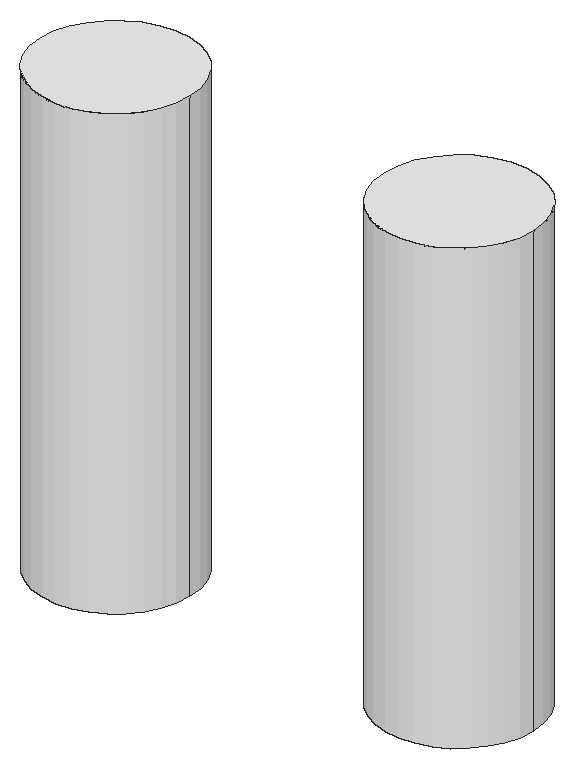
Revit family "45012185(2022)", category Plumbing Fixtures, Revit 2020
Family settings
  Round Connector Dimension = Use Diameter
  Part Type = Normal
  OmniClass Number = 23.45.55.00
  OmniClass Title = Sanitary Faucets, Wastes
  Work Plane-Based = No
  Always vertical = Yes
  Cut with Voids When Loaded = No
  Shared = No
  Room Calculation Point = No
Parameters (values of type "45012185 Washbasin faucet ")
  Working Pressure = "50 - 1000 kPa"
  WarrantyStartDate [instance] = "n/a"
  WarrantyGuarantorParts = "n/a"
  WarrantyGuarantorLabor = "n/a"
  WarrantyDurationUnit = "Year"
  WarrantyDurationParts = "n/a"
  WarrantyDurationLabor = "n/a"
  WarrantyDescription = "http://warranty.hansa.com"
  Warranty Information URL = "http://warranty.hansa.com"
  VersionDate = "01/06/2023"
  Version = "1"
  ValvePattern = "n/a"
  ValveOperation = "n/a"
  ValveMechanism = "n/a"
  Uniclass2015Reference = "Pr_40_20_87_96"
  Uniclass2015Description = "Washbasin manual water supply sets"
  Uniclass2 = "Pr_40_30_96_96"
  URL UWL = "http://static.hansa.com/UWL/45012185"
  URL REACH = "http://static.hansa.com/doc/reach"
  URL Materials Declaration = "http://www.hansa.com/fileadmin/resources/180736_45012185_materialsdeclaration.pdf"
  URL Environmental Product Declaration EPD = "http://www.hansa.com/fileadmin/resources/184523_EPD_Washbasin faucet.pdf"
  URL EcoLabel Declaration = "http://static.hansa.com/doc/EcoLabel"
  URL EU Packaging Declaration = "http://static.hansa.com/doc/packaging"
  URL Declaration of SCIP = "http://static.hansa.com/doc/SCIP"
  URL Declaration of Conformity = "http://static.hansa.com/DoC/45012185"
  URL Declaration of Asbestos = "http://static.hansa.com/doc/asbestos"
  URL Declaration Of Performance (DOP) = "http://static.hansa.com/doc/DoP"
  URL DVGW = "http://static.hansa.com/DVGW/45012185"
  URL ABP = "http://static.hansa.com/ABP/45012185"
  URL = ""
  UNSPSC Class Number = "30181700 Faucets or taps"
  TestPressure = "n/a"
  Temperature Adjustments = "Limitation option for maximum temperature and flow-rate ;Adjustable hot water stop (included, retrofittable)"
  Temperature = "Temperature limiter (retrofittable)"
  Technical DataSheet URL = "http://www.hansa.com/datasheet/45012185/en"
  TagNumber [instance] = "n/a"
  SustainabilityPerformance = "n/a"
  Surface treatment = "Chrome"
  Spout Type = "Fixed spout"
  Spout Projection = "114 mm"
  Spare-Part Information URL = "http://static.hansa.com/sp/45012185"
  Size = "67x225x170 mm"
  Shape = "Sculptured"
  SerialNumber [instance] = "n/a"
  Sales Package dimensions (LxWxH) = "606 x 224 x 88"
  Revision = "n/a"
  ReplacementCost = "n/a"
  ProductInformation = "n/a"
  Product URL = "http://static.hansa.com/45012185"
  Product Image URL = "http://static.hansa.com/image/45012185"
  Product Family = "HANSACLINICA "
  Product Code = "45012185"
  Pressure Loss With Flow 01ls = 70000.0 Pa
  OperatingMechanismMaterial = "n/a"
  NominalWidth = 66.293 mm
  NominalHeight = 171.212 mm
  NominalDepth = 224.472 mm
  Noise Class = "I (ISO 3822)"
  Name_en = "45012185 Washbasin faucet"
  Name = "45012185 Washbasin faucet"
  NBSReference = "45-35-70/371"
  NBSDescription = "Water supply fittings for wash basins and troughs"
  Mounting Holes = "1 hole"
  ModelReference = "45012185"
  ModelNumber = "n/a"
  Model = "45012185 Washbasin faucet"
  Mobile Product Information URL = "http://mpi.hansa.com/45012185"
  Mechanical Parts = "ø 40 mm ceramic cartridge for flow and temperature control"
  Max. Hot Water Supply = 80 °C
  Material = "Brass"
  Market = "International;Germany;Austria;Belgium;Netherlands;France;Czech Republic;Slovakia;Italy;Spain"
  ManufacturerURL = "http://www.hansa.com"
  ManufacturerName = "HANSA"
  Manufacturer = "HANSA"
  Long Marketing = "HANSACLINICA washbasin faucet. Firm longer loop-lever (180 mm) offers good usability to all users and situations. Fixed spout with nickel-free water channels and laminar water flow. In-built limitation options for water temperature and maximum flow-rate. Connection pipes Cu ø10 mm. With pop-up waste with draw-rod."
  Lever Handle = "Single operating lever/handle;Loop shape;Long shape;Hot/Cold symbols"
  Interactive AR View URL = "https://static.hansa.com/AR/45012185"
  InstallationDate [instance] = "n/a"
  Installation and Maintenance Guide URL = "http://static.hansa.com/manual/45012185"
  Installation Type = "Deck mounted"
  InletConnectionSize = 10 mm
  IfcExportType = "FAUCET"  # constant formula
  IfcExportAs = "IfcValveType"  # constant formula
  Group = "Washbasin faucet"
  Grade = "n/a"
  FlowCoefficient = 0
  Flow Rate At 300kPa = 0.2 L/s
  Flow Drawing URL = "http://static.hansa.com/flowchart/45012185"
  Finish = "Polished"
  Features = "Single-lever"
  FaucetMainMaterial = Brass
  FDV Document URL = "http://www.hansa.com/datasheet/45012185/en/fdv"
  Extensions = "Pop-up waste with draw-rod"
  ExpectedLife = "n/a"
  ETIM Class Number = "EC011328 Washbasin mixing tap"
  EN Standard = "EN 817"
  EAN Number = "4057304018886"
  DurationUnit = "Year"
  Dimension Drawing URL = "http://static.hansa.com/dimdrw/45012185"
  Description = ""
  DefaultElevation [instance] = 900 mm
  Default Elevation = 0 mm
  Constituents = "Single lever"
  Connection Size = "Ø10mm"
  Connection = "Copper inlet pipes"
  Color = "Chrome"
  CodePerformance = "n/a"
  CloseOffRating = 0
  Category = "Washbasin"
  Catalog Drawing URL = "http://static.hansa.com/catdrw/45012185"
  CO2 Emissions (D) = -8.02
  CO2 Emissions (C4) = 0.08
  CO2 Emissions (C3) = 0.02
  CO2 Emissions (C2) = 0.02
  CO2 Emissions (B7) = 3837.78
  CO2 Emissions (A4) = 0.31
  CO2 Emissions (A1-A3) = 11.27
  Brand = "HANSA"
  BodyMaterial = "Brass"
  Barcode [instance] = "n/a"
  Backflow Prevention EN1717 = "AA"
  BIMObjectName = "45012185(2022)"
  Author = "BIMStone"
  AssetType = "Fixed"
  AssetIdentifier [instance] = "n/a"
  Approval DVGW = "DW-6506DL0556"
  Approval ABP = "P-IX 29684/IA"
  Aerator = "Laminar stream"
  Advanced Features = "Inner body made of DZR brass;Waterways without nickel coating;3S-installation system for safe and simple mounting"
  AccessibilityPerformance = "n/a"
  3D View = "https://static.hansa.com/AR/45012185"
  2D/3D/BIM Files URL = "http://static.hansa.com/bim/45012185"
Reference planes
  plane 1 "Center (Front/Back)": y = 0
  plane 2: z = 0
  plane 3 "Center (Left/Right)": x = 0
  plane 4: x = -24.1
  plane 5: z = 1071.212
  plane 6: z = 900
  plane 7: z = 870
  plane 8: y = -224.472
  plane 9: x = 24.1
Forms (mm)
  Extrusion 1, solid, material "Brass" <- "FaucetMainMaterial"
    sketch origin (0, -17.546, 0) x (1, 0, 0) y (0, 1, 0)
      loop
        circle (-11.5, -22.5) r 5
      loop
        circle (11.5, -22.5) r 5
    from 870 to 900
Dimensions and locks
  "NominalHeight": plane 5 to plane 6
  "DefaultElevation": plane 6 to level
  locked: plane 6 to plane 7 at 30
  "NominalDepth": plane 8 to plane 1 "Center (Front/Back)"
  equal spacing: plane 4, plane 3 "Center (Left/Right)", plane 9
  "InletConnectionSize": diameter of Extrusion 1 sketch curve  (x2)
  aligned and locked: level to plane 2
  aligned and locked: plane 6 to Extrusion 1
  aligned and locked: Extrusion 1 to plane 7
  aligned and locked: plane 3 "Center (Left/Right)" to nested 1
  aligned and locked: plane 1 "Center (Front/Back)" to nested 1
  aligned and locked: plane 6 to nested 2
  aligned and locked: plane 3 "Center (Left/Right)" to nested 2
  aligned and locked: plane 1 "Center (Front/Back)" to nested 2
Automatic sketch dimensions
  Extrusion 1 sketch curve to plane 3 "Center (Left/Right)" = 11.5 mm
  plane 3 "Center (Left/Right)" to Extrusion 1 sketch curve = 11.5 mm
  plane 1 "Center (Front/Back)" to Extrusion 1 sketch curve = 40.046 mm  (x2)
Nested families
  nested 1: "Symbol" at (0, 0, 0), type "Symbol", detail levels coarse
  nested 2: "45012185(2022).p" at (0, 0, 900), type "45012185(2022)"
    with main material none
Connectors
  piping at (-11.5, -40.046, 870), diameter 10, driven by "InletConnectionSize"
    settings: on Extrusion 1, index 1, connector inside diameter 609.6 mm, connector length 0 mm, flow factor 0, pipe flow 0.1 L/s, pressure drop 0.0 Pa, fitting loss kfactor 0, connector angle 0.00°, fixture units 0, engagement length 0 mm, angle of deflection 0.00°, flow configuration 1, flow direction 1, fitting loss method 0, system type 19, joint type 0, gender type 0, connector reference index -1, connector utility 0, adjustable connector no, is connector primary yes, connector description ""
  piping at (11.5, -40.046, 870), diameter 10, driven by "InletConnectionSize"
    settings: on Extrusion 1, index 2, connector inside diameter 609.6 mm, connector length 0 mm, flow factor 0, pipe flow 0.1 L/s, pressure drop 0.0 Pa, fitting loss kfactor 0, connector angle 0.00°, fixture units 0, engagement length 0 mm, angle of deflection 0.00°, flow configuration 1, flow direction 1, fitting loss method 0, system type 20, joint type 0, gender type 0, connector reference index -1, connector utility 0, adjustable connector no, is connector primary no, connector description ""
Definition of nested family "Symbol"
  Reference planes
    plane 1: y = 0
    plane 2: x = 0
  Lines and regions (mm)
    detail lines
      curve 1: line (0, 0, 0) -> (0, -1.8, 0)
      curve 2: line (-0.4, -1.1, 0) -> (0.4, -1.1, 0)
      curve 3: line (-0.4, -1.4, 0) -> (0.4, -1.4, 0)
      curve 4: line (0.863, 0, 0) -> (-0.863, 0, 0)
      curve 5: circle (-1.163, 0, 0) r 0.3 normal (0, 0, -1)
      curve 6: circle (1.163, 0, 0) r 0.3 normal (0, 0, 1)
Definition of nested family "45012185(2022).p"
  Parameters (values of type "45012185(2022).p")
    main material [instance] = none
    Default Elevation = 0 mm
  Reference planes
    plane 1 "Center (Front/Back)": y = 0
    plane 2: z = 0
    plane 3 "Center (Left/Right)": x = 0
    plane 4: x = -24.096
    plane 5: x = 24.096
    plane 6: z = 171.212
    plane 7: y = -224.472
  Forms (mm)
    Blend 1, solid, material <- "main material", detail levels medium
      base sketch origin (0, 0, 0) x (1, 0, 0) y (0, 1, 0)
        loop
          circle (0, -40.081) r 24.096
      top sketch origin (0, 0, 0) x (1, 0, 0) y (0, 1, 0)
        loop
          circle (0, -44.601) r 24.096
      from 0 to 158.657
    Extrusion 2, solid, material <- "main material", detail levels medium
      sketch origin (0, 0, 0) x (0, 1, 0) y (0, 0, 1)
        loop
          line (0, 43.851) -> (-23.78, 43.851) -> (-23.78, 16.69) -> (-12.166, 16.69) -> (-12.166, 35.346) -> (0, 35.346) -> (0, 43.851)
      from -5.734 to 5.734
    Extrusion 3, solid, material <- "main material", detail levels medium
      sketch origin (0, 0, 0) x (0, 1, 0) y (0, 0, 1)
        loop
          line (-52.628, 123.123) -> (-167.628, 123.123) -> (-167.628, 83.123) -> (-52.628, 83.123) -> (-52.628, 123.123)
      from -24.096 to 24.096
    Extrusion 4, solid, material <- "main material", detail levels medium
      sketch origin (0, 0, 0) x (0, 1, 0) y (0, 0, 1)
        loop
          line (-37.628, 145.829) -> (-37.628, 158.396) -> (-200.343, 160.394) -> (-220.69, 171.212) -> (-224.472, 164.099) -> (-200.829, 151.528) -> (-37.628, 145.829)
      from -24.096 to 24.096
    Extrusion 5, solid, material <- "main material", detail levels coarse
      sketch origin (0, 0, 0) x (0, 1, 0) y (0, 0, 1)
        loop
          line (-224.472, 0) -> (0, 0) -> (0, 171.212) -> (-224.472, 171.212) -> (-224.472, 0)
      from -24.096 to 24.096
  Cuts and joins
    joined: Blend 1, Extrusion 2, Extrusion 3, Extrusion 4
  Lines and regions (mm)
    symbolic lines, detail levels fine
      curve 1: line (-5.334, -17.453, 0) -> (-5.292, -16.178, 0)
      curve 3: arc (-5.334, -17.453, 0) -> (-2.686, -17.003, 0) -> (0, -16.986, 0) r 16.597
      curve 6: line (-17.4, -95.001, 0) -> (-13.91, -209.654, 0)
      curve 7: line (5.334, -17.453, 0) -> (5.292, -16.178, 0)
      curve 9: arc (5.334, -17.453, 0) -> (2.686, -17.003, 0) -> (0, -16.986, 0) r 16.597
      curve 11: line (17.4, -95.001, 0) -> (13.91, -209.654, 0)
      curve 12: spline (-17.4, -95.001, 0) -> (-16.807, -93.707, 0) -> (-15.069, -92.501, 0) -> (-12.304, -91.466, 0) -> (-8.7, -90.671, 0) -> (-4.503, -90.172, 0) -> (0, -90.001, 0) -> (4.503, -90.172, 0) -> (8.7, -90.671, 0) -> (12.304, -91.466, 0) -> (15.069, -92.501, 0) -> (16.807, -93.707, 0) -> (17.4, -95.001, 0)
      curve 14: spline (-13.91, -209.654, 0) -> (-13.436, -212.242, 0) -> (-12.046, -214.654, 0) -> (-9.836, -216.725, 0) -> (-6.955, -218.314, 0) -> (-3.6, -219.313, 0) -> (0, -219.654, 0) -> (3.6, -219.313, 0) -> (6.955, -218.314, 0) -> (9.836, -216.725, 0) -> (12.046, -214.654, 0) -> (13.436, -212.242, 0) -> (13.91, -209.654, 0)
      curve 15: spline (-15.385, -161.21, 0) -> (-14.86, -162.871, 0) -> (-13.324, -164.419, 0) -> (-10.879, -165.748, 0) -> (-7.692, -166.769, 0) -> (-3.982, -167.41, 0) -> (0, -167.628, 0) -> (3.982, -167.41, 0) -> (7.692, -166.769, 0) -> (10.879, -165.748, 0) -> (13.324, -164.419, 0) -> (14.86, -162.871, 0) -> (15.385, -161.21, 0)
      curve 16: arc (24.025, -41.526, 0) -> (0, -19.587, 0) -> (-24.025, -41.526, 0) r 24.124
      curve 22: arc (-24.096, -44.888, 0) -> (0.096, -67.835, 0) -> (24.104, -44.696, 0) r 24.124
      curve 37: arc (-13.463, 0, 157.147) -> (-14.566, 0, 153.56) -> (-17.264, 0, 150.952) r 7.525
      curve 38: arc (-8.668, 0, 162.639) -> (-12.024, 0, 160.729) -> (-13.463, 0, 157.147) r 5.86
      curve 39: arc (0, 0, 163.649) -> (-4.351, 0, 163.286) -> (-8.668, 0, 162.639) r 66.599
      curve 40: arc (-17.264, 0, 150.952) -> (-20.492, 0, 150.161) -> (-23.655, 0, 151.181) r 6.094
      curve 41: line (-10.996, 0, 91.011) -> (-10.996, 0, 97.776)
      curve 42: line (-10.996, 0, 97.776) -> (-12.132, 0, 97.776)
      curve 43: arc (-12.132, 0, 97.776) -> (-18.765, 0, 105.668) -> (-20.9, 0, 115.752) r 21.235
      curve 44: arc (-21.731, 0, 120.794) -> (-19.116, 0, 118.138) -> (-15.975, 0, 116.133) r 16.606
      curve 45: arc (-15.975, 0, 116.133) -> (-14.81, 0, 115.694) -> (-13.583, 0, 115.485) r 6.518
      curve 46: arc (-13.583, 0, 115.485) -> (-6.796, 0, 115.112) -> (0, 0, 114.988) r 184.87
      curve 47: arc (-20.9, 0, 115.752) -> (-21.878, 0, 117.767) -> (-24.096, 0, 118.084) r 2.387
      curve 48: arc (-13.583, 0, 114.172) -> (-6.796, 0, 113.799) -> (0, 0, 113.676) r 184.87
      curve 49: arc (-21.878, 0, 117.767) -> (-18.035, 0, 115.267) -> (-13.583, 0, 114.172) r 13.723
      curve 50: spline (10.996, 0, 91.011) -> (10.621, 0, 90.294) -> (9.522, 0, 89.626) -> (7.775, 0, 89.053) -> (5.498, 0, 88.613) -> (2.846, 0, 88.336) -> (0, 0, 88.242) -> (-2.846, 0, 88.336) -> (-5.498, 0, 88.613) -> (-7.775, 0, 89.053) -> (-9.522, 0, 89.626) -> (-10.621, 0, 90.294) -> (-10.996, 0, 91.011) -> (-10.621, 0, 91.728) -> (-9.522, 0, 92.396) -> (-7.775, 0, 92.969) -> (-5.498, 0, 93.409) -> (-2.846, 0, 93.686) -> (0, 0, 93.78) -> (2.846, 0, 93.686) -> (5.498, 0, 93.409) -> (7.775, 0, 92.969) -> (9.522, 0, 92.396) -> (10.621, 0, 91.728) -> (10.996, 0, 91.011)
      curve 64: arc (13.463, 0, 157.147) -> (14.566, 0, 153.56) -> (17.264, 0, 150.952) r 7.525
      curve 65: arc (8.668, 0, 162.639) -> (12.024, 0, 160.729) -> (13.463, 0, 157.147) r 5.86
      curve 66: arc (0, 0, 163.649) -> (4.351, 0, 163.286) -> (8.668, 0, 162.639) r 66.599
      curve 67: arc (17.264, 0, 150.952) -> (20.492, 0, 150.161) -> (23.655, 0, 151.181) r 6.094
      curve 68: line (10.996, 0, 91.011) -> (10.996, 0, 97.776)
      curve 69: line (10.996, 0, 97.776) -> (12.132, 0, 97.776)
      curve 70: arc (12.132, 0, 97.776) -> (18.765, 0, 105.668) -> (20.9, 0, 115.752) r 21.235
      curve 71: arc (21.731, 0, 120.794) -> (19.116, 0, 118.138) -> (15.975, 0, 116.133) r 16.606
      curve 72: arc (15.975, 0, 116.133) -> (14.81, 0, 115.694) -> (13.583, 0, 115.485) r 6.518
      curve 73: arc (13.583, 0, 115.485) -> (6.796, 0, 115.112) -> (0, 0, 114.988) r 184.87
      curve 74: arc (20.9, 0, 115.752) -> (21.878, 0, 117.767) -> (24.096, 0, 118.084) r 2.387
      curve 75: arc (13.583, 0, 114.172) -> (6.796, 0, 113.799) -> (0, 0, 113.676) r 184.87
      curve 76: arc (21.878, 0, 117.767) -> (18.035, 0, 115.267) -> (13.583, 0, 114.172) r 13.723
      curve 77: arc (-21.731, 0, 123.011) -> (0, 0, 120.445) -> (21.731, 0, 123.011) r 93.316
      curve 78: arc (-21.731, 0, 120.794) -> (0, 0, 118.108) -> (21.731, 0, 120.794) r 89.263
      curve 79: spline (-10.996, 0, 97.776) -> (-10.621, 0, 98.594) -> (-9.522, 0, 99.356) -> (-7.775, 0, 100.01) -> (-5.498, 0, 100.512) -> (-2.846, 0, 100.827) -> (0, 0, 100.935) -> (2.846, 0, 100.827) -> (5.498, 0, 100.512) -> (7.775, 0, 100.01) -> (9.522, 0, 99.356) -> (10.621, 0, 98.594) -> (10.996, 0, 97.776)
      curve 80: spline (-14.566, 0, 153.56) -> (-14.07, 0, 154.193) -> (-12.615, 0, 154.783) -> (-10.3, 0, 155.289) -> (-7.283, 0, 155.678) -> (-3.77, 0, 155.922) -> (0, 0, 156.005) -> (3.77, 0, 155.922) -> (7.283, 0, 155.678) -> (10.3, 0, 155.289) -> (12.615, 0, 154.783) -> (14.07, 0, 154.193) -> (14.566, 0, 153.56)
      curve 81: arc (-17.264, 0, 150.952) -> (0, 0, 153.856) -> (17.264, 0, 150.952) r 52.768
      curve 92: line (0, -166.474, 97.044) -> (0, -144.399, 87.216)
      curve 93: line (0, -144.399, 87.216) -> (0, -140.501, 95.971)
      curve 94: line (0, -164.152, 102.26) -> (0, -166.474, 97.044)
      curve 98: line (0, -65.928, 122.56) -> (0, -52.628, 123.123)
      curve 99: arc (0, -52.628, 123.123) -> (0, -47.313, 123.818) -> (0, -42.199, 125.428) r 30.633
      curve 101: line (0, -24.953, 129.248) -> (0, -33.016, 128.811)
      curve 102: arc (0, -33.016, 128.811) -> (0, -37.862, 127.811) -> (0, -42.199, 125.428) r 16.626
      curve 117: arc (0, -68.599, 143.096) -> (0, -58.147, 147.426) -> (0, -53.817, 157.878) r 14.782
      curve 125: arc (0, -35.197, 120.375) -> (0, -43.964, 81.56) -> (0, -65.795, 48.29) r 111.581
      curve 127: line (0, -22.48, 120.819) -> (0, -35.197, 120.375)
      curve 128: line (0, -35.197, 120.375) -> (0, -65.909, 119.303)
      curve 131: line (0, -16.328, 9.855) -> (0, -17.518, 43.939)
    symbolic lines, detail levels medium+fine
      curve 2: arc (-4.86, -3.103, 0) -> (-3.857, -0.877, 0) -> (-1.579, 0, 0) r 3.21
      curve 4: arc (-24.025, -41.526, 0) -> (-24.119, -43.206, 0) -> (-24.096, -44.888, 0) r 24.124
      curve 5: line (-24.096, -44.888, 0) -> (-19.075, -209.811, 0)
      curve 8: arc (4.86, -3.103, 0) -> (3.857, -0.877, 0) -> (1.579, 0, 0) r 3.21
      curve 10: line (24.096, -44.888, 0) -> (19.075, -209.811, 0)
      curve 13: spline (-19.075, -209.811, 0) -> (-18.425, -213.606, 0) -> (-16.52, -217.142, 0) -> (-13.488, -220.178, 0) -> (-9.538, -222.508, 0) -> (-4.937, -223.972, 0) -> (0, -224.472, 0) -> (4.937, -223.972, 0) -> (9.538, -222.508, 0) -> (13.488, -220.178, 0) -> (16.52, -217.142, 0) -> (18.425, -213.606, 0) -> (19.075, -209.811, 0)
      curve 17: arc (24.025, -41.526, 0) -> (19.378, -25.364, 0) -> (5.292, -16.178, 0) r 24.096
      curve 18: arc (-5.292, -16.178, 0) -> (-19.378, -25.364, 0) -> (-24.025, -41.526, 0) r 24.096
      curve 19: line (-5.292, -16.178, 0) -> (-4.86, -3.103, 0)
      curve 20: line (5.292, -16.178, 0) -> (4.86, -3.103, 0)
      curve 21: arc (24.096, -44.888, 0) -> (24.119, -43.206, 0) -> (24.025, -41.526, 0) r 24.124
      curve 23: line (-1.579, 0, 0) -> (1.579, 0, 0)
      curve 24: line (0, 0, 0) -> (-24.096, 0, 0)
      curve 25: line (-24.096, 0, 0) -> (-24.096, 0, 118.692)
      curve 26: arc (-24.096, 0, 118.692) -> (-23.644, 0, 119.782) -> (-22.555, 0, 120.233) r 1.541
      curve 27: arc (-22.555, 0, 120.233) -> (-22.056, 0, 120.387) -> (-21.731, 0, 120.794) r 0.886
      curve 28: line (-21.731, 0, 120.794) -> (-21.731, 0, 123.011)
      curve 29: line (-23.579, 0, 155.861) -> (-24.096, 0, 123.948)
      curve 30: arc (-24.096, 0, 123.948) -> (-23.818, 0, 123.273) -> (-23.138, 0, 123.011) r 0.923
      curve 31: line (-23.138, 0, 123.011) -> (-21.731, 0, 123.011)
      curve 32: arc (-21.624, 0, 157.754) -> (-22.994, 0, 157.213) -> (-23.579, 0, 155.861) r 1.925
      curve 33: line (-21.624, 0, 157.754) -> (-19.806, 0, 157.85)
      curve 34: line (-19.806, 0, 157.85) -> (-18.811, 0, 163.494)
      curve 35: arc (-18.811, 0, 163.494) -> (-17.682, 0, 166.079) -> (-15.497, 0, 167.863) r 6.004
      curve 36: arc (-15.497, 0, 167.863) -> (-7.946, 0, 170.452) -> (0, 0, 171.212) r 34.059
      curve 51: line (0, 0, 0) -> (24.096, 0, 0)
      curve 52: line (24.096, 0, 0) -> (24.096, 0, 118.692)
      curve 53: arc (24.096, 0, 118.692) -> (23.644, 0, 119.782) -> (22.555, 0, 120.233) r 1.541
      curve 54: arc (22.555, 0, 120.233) -> (22.056, 0, 120.387) -> (21.731, 0, 120.794) r 0.886
      curve 55: line (21.731, 0, 120.794) -> (21.731, 0, 123.011)
      curve 56: line (23.579, 0, 155.861) -> (24.096, 0, 123.948)
      curve 57: arc (24.096, 0, 123.948) -> (23.818, 0, 123.273) -> (23.138, 0, 123.011) r 0.923
      curve 58: line (23.138, 0, 123.011) -> (21.731, 0, 123.011)
      curve 59: arc (21.624, 0, 157.754) -> (22.994, 0, 157.213) -> (23.579, 0, 155.861) r 1.925
      curve 60: line (21.624, 0, 157.754) -> (19.806, 0, 157.85)
      curve 61: line (19.806, 0, 157.85) -> (18.811, 0, 163.494)
      curve 62: arc (18.811, 0, 163.494) -> (17.682, 0, 166.079) -> (15.497, 0, 167.863) r 6.004
      curve 63: arc (15.497, 0, 167.863) -> (7.946, 0, 170.452) -> (0, 0, 171.212) r 34.059
      curve 82: line (0, -15.984, 0) -> (0, -16.328, 9.855)
      curve 83: arc (0, -20.15, 119.29) -> (0, -20.66, 120.411) -> (0, -21.814, 120.842) r 1.609
      curve 84: line (0, -21.814, 120.842) -> (0, -22.48, 120.819)
      curve 85: arc (0, -166.725, 115.782) -> (0, -167.796, 115.294) -> (0, -168.209, 114.192) r 1.538
      curve 86: arc (0, -168.209, 114.192) -> (0, -167.06, 107.927) -> (0, -164.152, 102.26) r 21.831
      curve 87: line (0, -15.984, 0) -> (0, -64.108, 0)
      curve 88: line (0, -64.108, 0) -> (0, -65.795, 48.29)
      curve 89: arc (0, -66.551, 69.957) -> (0, -75.108, 88.734) -> (0, -94.436, 95.96) r 26.96
      curve 90: line (0, -94.436, 95.96) -> (0, -139.436, 95.96)
      curve 91: arc (0, -139.436, 95.96) -> (0, -152.189, 97.559) -> (0, -164.152, 102.26) r 51.635
      curve 95: arc (0, -24.953, 129.248) -> (0, -23.078, 125.221) -> (0, -22.48, 120.819) r 14.816
      curve 96: arc (0, -65.928, 122.56) -> (0, -66.072, 120.931) -> (0, -65.909, 119.303) r 8.686
      curve 97: line (0, -68.749, 122.56) -> (0, -65.928, 122.56)
      curve 100: line (0, -20.498, 129.248) -> (0, -24.953, 129.248)
      curve 103: line (0, -19.959, 129.941) -> (0, -20.996, 155.942)
      curve 104: arc (0, -20.996, 155.942) -> (0, -21.738, 157.436) -> (0, -23.347, 157.878) r 2.041
      curve 105: arc (0, -20.498, 129.248) -> (0, -20.102, 129.496) -> (0, -19.959, 129.941) r 0.681
      curve 106: arc (0, -69.297, 123.109) -> (0, -69.136, 122.721) -> (0, -68.749, 122.56) r 0.548
      curve 107: line (0, -23.347, 157.878) -> (0, -53.817, 157.878)
      curve 108: arc (0, -69.297, 123.109) -> (0, -69.122, 133.109) -> (0, -68.599, 143.096) r 286.537
      curve 109: arc (0, -68.599, 143.096) -> (0, -69.877, 146.915) -> (0, -73.481, 148.712) r 5.262
      curve 110: line (0, -73.481, 148.712) -> (0, -188.446, 151.544)
      curve 111: arc (0, -188.446, 151.544) -> (0, -207.266, 155.237) -> (0, -223.795, 164.968) r 56.965
      curve 112: arc (0, -223.795, 164.968) -> (0, -224.261, 165.549) -> (0, -224.472, 166.264) r 1.933
      curve 113: arc (0, -224.472, 166.264) -> (0, -224.345, 168.423) -> (0, -223.577, 170.445) r 7.128
      curve 114: arc (0, -223.577, 170.445) -> (0, -223.085, 170.97) -> (0, -222.408, 171.212) r 1.532
      curve 115: arc (0, -185.17, 157.878) -> (0, -204.45, 161.213) -> (0, -221.488, 170.832) r 57.385
      curve 116: arc (0, -221.488, 170.832) -> (0, -221.92, 171.09) -> (0, -222.408, 171.212) r 1.72
      curve 118: line (0, -17.518, 43.939) -> (0, -0.679, 43.939)
      curve 119: arc (0, -0.679, 43.939) -> (0, -0.175, 43.716) -> (0, 0, 43.194) r 0.682
      curve 120: arc (0, 0, 43.194) -> (0, -0.299, 41.281) -> (0, -0.836, 39.42) r 15.401
      curve 121: arc (0, -0.836, 39.42) -> (0, -1.49, 38.51) -> (0, -2.527, 38.083) r 2.035
      curve 122: line (0, -2.527, 38.083) -> (0, -7.967, 37.476)
      curve 123: arc (0, -7.967, 37.476) -> (0, -10.409, 36.331) -> (0, -11.647, 33.936) r 4.192
      curve 124: line (0, -11.647, 33.936) -> (0, -16.328, 9.855)
      curve 126: line (0, -65.909, 119.303) -> (0, -166.725, 115.782)
      curve 129: line (0, -65.795, 48.29) -> (0, -66.551, 69.957)
      curve 130: line (0, -17.518, 43.939) -> (0, -20.15, 119.29)
      curve 132: line (0, -53.817, 157.878) -> (0, -185.17, 157.878)
  Dimensions and locks
    aligned and locked: level to plane 2
